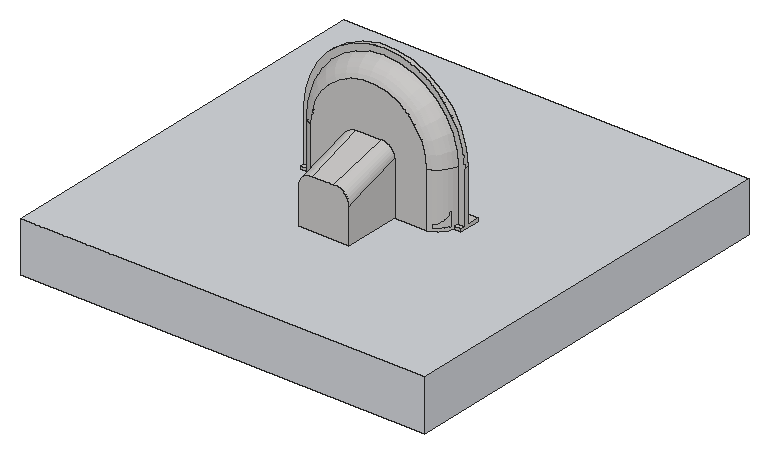
Revit family
Parameters (values of type "3423-ES-ADA-1")
  Waste Connection = yes
  WFU = 0
  Vent Connection = no
  VP - Vinylclad Housing Color: Black (Standard), Gray, White = no
  URL = "http://www.acorneng.com/uploads/fileLibrary/342201.pdf"
  Type Comments = ""
  TS - Single-Fold Paper Towel Dispenser (Not ADA Compliant) = no
  TM - C or Multi-Fold Paper Towel Dispenser (Not ADA Compliant.) = no
  ST - Single Temperature Valve = no
  SPX - 16 Gage Stainless Steel Housing (Standard on -ES Contoured Base Units.) = no
  SO-BAT- Sensor Operation (Batteries Not Included) = no
  SO - Sensor Operation = no
  Revised Date = "10/06/2014"
  Phone# = "626-336-4561"
  PPZ - Programmable Piezo Push button Electronic Metering = no
  PDM - Metering Liquid Soap Dispenser (Not Available with -PCB, -TM, or -TS.) = no
  PCB - Pipe Column Brace (Pipe By Others.) = no
  Model = "3423-ES-ADA-1"
  Material = Stainless Steel
  Manufacturer = "Acorn"
  LBS - Less Backsplash = no
  JH31 - 31" Junior Rim Height (Not ADA Compliant On - 2 On-Floor Units) = no
  HWFU = 0
  HW Connection = no
  HB - Hose Bibb, Specify: Left Side, RIght Side (Not ADA Compliant.) = no
  H - Hand Operation = no
  EG - Enviro-Glaze Color, Specify: = no
  Designed By = "ATS"
  Description = "Wash-Ware® 3423ADA Series Semi-Circular Models - 3 or 4 Stations - ADA Compliant\r"
  Default Elevation = 34"
  DV - Liquid / Lotion Soap Dispenser = no
  DP - Metering Powder Soap Dispenser = no
  CWFU = 0
  CW Connection = yes
  CB - Column Braced to Backsplash = no
  Assembly Code = "D2010810"
  3423-ES-ADA - Semi-Circular with Contoured Base, Three Station = yes
  2 - On-Floor, Wall Outlet = no
  1 - Off-Floor, Wall Outlet (1-1/2" OD Tail-Piece Provided Standard) = yes
Reference planes (in)
  plane 1 "Center (Front/Back)": y = 1
  plane 2: z = 0
  plane 3 "Center (Left/Right)": x = 0
  plane 4: z = 32
  plane 5: y = -33
  plane 6: y = 11
  plane 7: x = -19
  plane 8: y = -4.5
  plane 9: y = 4
  plane 10: z = 13
  plane 11: x = -6
  plane 12: x = 6
  plane 13: y = -15.25
  plane 14: x = -5
  plane 15: x = 5
  plane 16: y = -7.25
  plane 17: x = 19
  plane 18: y = -18
Forms (in)
  Extrusion 1, solid
    sketch origin (0, 0, 0) x (1, 0, 0) y (0, 1, 0)
      loop
        line (-48, 48) -> (-48, -48) -> (48, -48) -> (48, 48) -> (-48, 48)
    from 0 to -12
  Sweep 2, solid, material "Stainless Steel"
    path origin (0, 1, 0) x (1, 0, 0) y (0, 0, 1)
      loop
        line (-19, 0) -> (-19, 13)
        arc (-19, 13) -> (0, 32) -> (19, 13) r 19
        line (19, 13) -> (19, 0)
    profile origin (-19, 1, 6.5) x (-1, 0, 0) y (0, -1, 0)
      loop
        line (0, 0) -> (0, 1) -> (-1.50104, 1)
        arc (-1.50104, 1) -> (-2.76227, 3.7609) -> (-5.25, 5.5) r 5.77141
        line (-5.25, 5.5) -> (-6.25, 5.5) -> (-6.25, 5)
        arc (-6.25, 5) -> (-3.37154, 3.14044) -> (-2, 0) r 5.93784
        line (-2, 0) -> (-1, 0) -> (0, 0)
  Blend 3, solid, material "Stainless Steel"
    base sketch origin (0, 1, -0.75) x (1, 0, 0) y (0, 0, 1)
      loop
        line (-6, 0.75) -> (6, 0.75) -> (6, 13.25)
        arc (6, 13.25) -> (5.12132, 15.37132) -> (3, 16.25) r 3
        line (3, 16.25) -> (-3, 16.25)
        arc (-3, 16.25) -> (-5.12132, 15.37132) -> (-6, 13.25) r 3
        line (-6, 13.25) -> (-6, 0.75)
    top sketch origin (0, 1, -0.75) x (1, 0, 0) y (0, 0, 1)
      loop
        line (6, 0.75) -> (6, 9)
        arc (6, 9) -> (4.97487, 11.47487) -> (2.5, 12.5) r 3.5
        line (2.5, 12.5) -> (-2.5, 12.5)
        arc (-2.5, 12.5) -> (-4.97487, 11.47487) -> (-6, 9) r 3.5
        line (-6, 9) -> (-6, 0.75) -> (6, 0.75)
    from 5.5 to 19
  Extrusion 4, solid, material "Stainless Steel"
    sketch origin (0, 1, 0) x (1, 0, 0) y (0, 0, 1)
      loop
        circle (0, 7.36687) r 3
    from -4.47335 to 4
  Extrusion 5, solid, material "Stainless Steel"
    sketch origin (0, 0, 0) x (1, 0, 0) y (0, 1, 0)
      loop
        line (19, 4) -> (-19, 4) -> (-19, -1) -> (-13.49896, -1)
        arc (-13.49896, -1) -> (-12.3144, -3.489) -> (-9.75, -4.5) r 3.75781
        line (-9.75, -4.5) -> (9.75, -4.5)
        arc (9.75, -4.5) -> (12.3144, -3.489) -> (13.49896, -1) r 3.75781
        line (13.49896, -1) -> (19, -1) -> (19, 4)
    from 0 to 0.75
  Extrusion 6, solid, material "Stainless Steel"
    sketch origin (0, 1, 0) x (1, 0, 0) y (0, 0, 1)
      loop
        arc (17, 4) -> (16.22335, 2.125) -> (14.34835, 1.34835) r 2.65165
        line (14.34835, 1.34835) -> (-14.34835, 1.34835)
        arc (-14.34835, 1.34835) -> (-16.22335, 2.125) -> (-17, 4) r 2.65165
        line (-17, 4) -> (-17, 0.70385) -> (17, 0.70385) -> (17, 4)
    from 0 to 5
  Extrusion 7, void
    sketch origin (0, 0, 0) x (1, 0, 0) y (0, 1, 0)
      loop
        circle (-5, -7.25) r 0.5
      loop
        circle (5, -7.25) r 0.5
      loop
        circle (-5, -15.25) r 0.5
      loop
        circle (5, -15.25) r 0.5
    from -0.52729 to 0.75
  Extrusion 8, solid
    sketch origin (0, 0, 0) x (1, 0, 0) y (0, 1, 0)
      loop
        circle (0, -7.25) r 0.75
    from -0.21183 to 0.39127
  Extrusion 9, solid
    sketch origin (0, 0, 0) x (1, 0, 0) y (0, 1, 0)
      loop
        circle (-2.18441, -15.25) r 0.25
    from 0 to 1.7319
  Extrusion 10, solid
    sketch origin (0, 0, 0) x (-1, 0, 0) y (0, -1, 0)
      loop
        circle (-2.18441, 15.25) r 0.25
    from 0 to 1.7319
  Extrusion 11, void
    sketch origin (0, 1, 0) x (1, 0, 0) y (0, 0, 1)
      loop
        line (16.1372, 2.0592) -> (16.32261, 1.87379) -> (16.32261, 0.97537) -> (18.18545, 0.97537) -> (18.18545, 2.33025) -> (16.40825, 2.33025) -> (16.1372, 2.0592)
      loop
        circle (17.7, 1.973) r 0.15286
      loop
        circle (17.7, 1.33261) r 0.15286
      loop
        circle (16.76141, 1.65281) r 0.15286
    from 0 to 0.13039
  Extrusion 12, void
    sketch origin (0, 1, 0) x (-1, 0, 0) y (0, 0, -1)
      loop
        line (16.1372, -2.0592) -> (16.40825, -2.33025) -> (18.18545, -2.33025) -> (18.18545, -0.97537) -> (16.32261, -0.97537) -> (16.32261, -1.87379) -> (16.1372, -2.0592)
      loop
        circle (17.7, -1.973) r 0.15286
      loop
        circle (17.7, -1.33261) r 0.15286
      loop
        circle (16.76141, -1.65281) r 0.15286
    from 0 to 0.13039
  Sweep 13, solid, material "Stainless Steel"
    path origin (0, 0.8269, 0) x (1, 0, 0) y (0, 0, 1)
      loop
        circle (0, 7.36687) r 7
    profile origin (0, 0.8269, 14.36687) x (0, 0, -1) y (0, -1, 0)
      loop
        line (0, -5.5) -> (0, -9.90625) -> (2, -9.90625) -> (2, -9.5) -> (1, -9.5) -> (1, -5.94523) -> (2.04978, -5) -> (4.6064, -5) -> (4.6064, -3.64645) -> (4.01947, -3.64645) -> (3.66592, -4) -> (1.66592, -4) -> (0, -5.5)
  Extrusion 14, solid, material "Stainless Steel"
    sketch origin (-13.875, 0.8269, 0.5) x (0, 1, 0) y (0, 0, 1)
      loop
        circle (7.74507, 6.99807) r 0.5
    from 6.56542 to 7.50321
  Extrusion 15, solid, material "Stainless Steel"
    sketch origin (-5.4383, -5.19156, 0.5) x (-0.743145, 0.669131, 0) y (0, 0, 1)
      loop
        circle (7.74507, 6.99807) r 0.5
    from 7.26243 to 7.64315
  Extrusion 16, solid, material "Stainless Steel"
    sketch origin (0, 10.86631, -1.91009) x (1, 0, 0) y (0, 0.668103, 0.744069)
      loop
        circle (0, 7.74507) r 0.5
    from 14.24807 to 14.62579
  Extrusion 17, solid, material "Stainless Steel"
    sketch origin (0, 1, 0) x (1, 0, 0) y (0, 0, 1)
      loop
        circle (0, 7.36687) r 7
    from -10 to -9.73315
  Extrusion 18, solid, material "Stainless Steel"
    sketch origin (13.875, 0.8269, 0.5) x (0, 1, 0) y (0, 0, -1)
      loop
        circle (7.74507, -6.99807) r 0.5
    from 6.56542 to 7.50321
  Extrusion 19, solid, material "Stainless Steel"
    sketch origin (5.4383, -5.19156, 0.5) x (0.743145, 0.669131, 0) y (0, 0, -1)
      loop
        circle (7.74507, -6.99807) r 0.5
    from 7.26243 to 7.64315
  Extrusion 20, solid
    sketch origin (0, 0, 0) x (1, 0, 0) y (0, 1, 0)
      loop
        circle (0, 8.5342) r 0.5
    from 14.16068 to 14.66619
  Extrusion 21, solid, material "Stainless Steel"
    sketch origin (0, 1, 0) x (1, 0, 0) y (0, 0, 1)
      loop
        line (-12.75, 0) -> (12.75, 0) -> (12.75, 13)
        arc (12.75, 13) -> (0, 25.75) -> (-12.75, 13) r 12.75
        line (-12.75, 13) -> (-12.75, 0)
    from 5 to 5.5
  Extrusion 22, void
    sketch origin (0, 0, 0) x (1, 0, 0) y (0, 1, 0)
      loop
        line (-17, -1.57784) -> (-17, -4) -> (-14.79885, -4)
        arc (-14.79885, -4) -> (-16.07472, -2.94822) -> (-17, -1.57784) r 5.77141
    from 0 to 12
  Extrusion 23, void
    sketch origin (0, 0, 0) x (1, 0, 0) y (0, 1, 0)
      loop
        arc (17, -1.57784) -> (16.07472, -2.94822) -> (14.79885, -4) r 5.77141
        line (14.79885, -4) -> (17, -4) -> (17, -1.57784)
    from 0 to 12
Cuts and joins
  Extrusion 11, Extrusion 12, Extrusion 22, Extrusion 23 cuts Sweep 2
  Extrusion 11, Extrusion 12, Extrusion 22, Extrusion 23 cuts Extrusion 4
  Extrusion 11, Extrusion 12, Extrusion 22, Extrusion 23 cuts Extrusion 5
  Extrusion 11, Extrusion 12, Extrusion 22, Extrusion 23 cuts Extrusion 6
  Extrusion 22, Extrusion 23 cuts Extrusion 21
  joined: Sweep 2, Extrusion 4, Extrusion 5, Extrusion 6, Extrusion 21
  Extrusion 7 cuts Blend 3
Dimensions and locks (in)
  plane 4 to plane 2 = 32"  (x2)
  plane 7 to plane 17 = 38"
  plane 8 to plane 5 = 28 1/2"
  plane 5 to plane 6 = 44"
  plane 5 to plane 1 "Center (Front/Back)" = 34"
  plane 5 to plane 8 = 28 1/2"
  plane 11 to plane 12 = 12"
  plane 13 to plane 5 = 17 3/4"  (x2)
  plane 14 to plane 15 = 10"
  plane 16 to plane 13 = 8"
  plane 1 "Center (Front/Back)" to plane 5 = 34"
  plane 6 to plane 5 = 44"
  aligned and locked: plane 2 to Extrusion 1
  aligned and locked: level to Extrusion 1
Connectors (in)
  piping at (2.18441, -15.25, 0)
    settings: on Extrusion 10, index 1
  piping at (-2.18441, -15.25, 0)
    settings: on Extrusion 9, index 2
  piping at (0, -7.25, -0.21183)
    settings: on Extrusion 8, index 3
